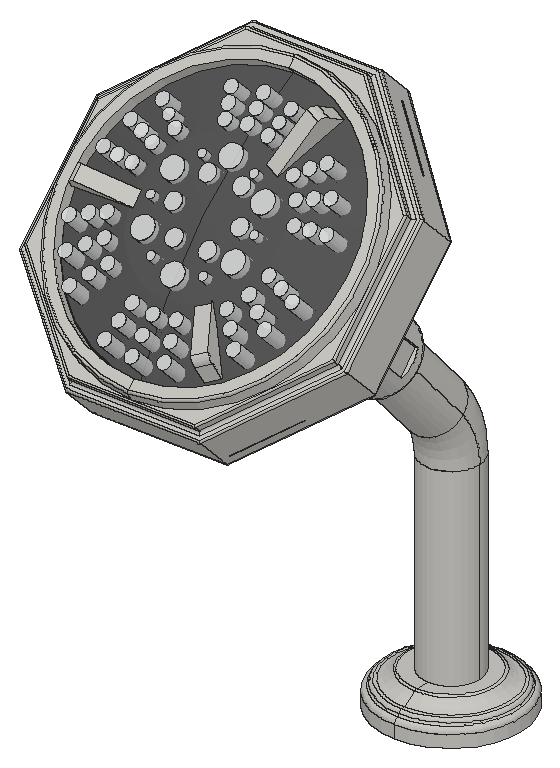
Revit family "Shower-Showerhead_Kit-KALLISTA-For_Town-P21542", category Plumbing Fixtures, host Face, Revit 2022
Family settings
  Host = Face
  Round Connector Dimension = Use Diameter
  Part Type = Normal
  OmniClass Number = 23.31.17.00
  OmniClass Title = Showers
  Cut with Voids When Loaded = No
  Maintain Annotation Orientation = No
  Shared = No
  Room Calculation Point = No
Parameters (values of type "AD-Nickel Silver")
  Width = 4.68"  # constant formula
  WaterSense Certified = 1 = 0  # no
  Waste Water Outlet = "Waste Water Outlet"  # constant formula
  Waste Connection = 1 = 0  # no
  Vent Connection = 1 = 0  # no
  URL = "https://www.kallista.com/"
  Type = 1
  Product Page URL = "https://www.kallista.com/products/luxury-bathroom/showering/handshowers/traditional-multi-function-handshower-with-hose-p21650-00/ad-nickel-silver"
  Product Name = "For Town"  # constant formula
  Product Documentation Link = "https://techcomm.kohler.com/techcomm/pdf/1344680-4.pdf"
  Pressure = 80.00 psi  # constant formula
  Model = if(Type = 1, "P21542-00-AD", if(Type = 2, "P21542-00-CP", "NA"))  # "P21542-00-AD"
  Material = "Premium Metal Construction"  # constant formula
  Master Format 2014 Name = "Residential Showers"  # constant formula
  Master Format 2014 = "22 42 23"  # constant formula
  Manufacturer Address = "444 Highland Dr, Kohler, WI 53044"  # constant formula
  Manufacturer = "Kallista Co."  # constant formula
  Length = 6.82555"  # constant formula
  Hot Water Inlet = "Hot Water Inlet"  # constant formula
  Height = 9.59323"  # constant formula
  HW Connection = 1 = 1  # yes
  Flow Rate = 1.75 GPM  # constant formula
  Finish = Kallista-Metal-AD-Nickel_Silver
  Environmental Product Declaration = ""
  Drain Included = 1 = 0  # no
  Description = "Traditional Multi-Function Handshower with Hose"  # constant formula
  Default Elevation = 72"
  Declare Label = ""
  Date Modified = "05/07/2025"  # constant formula
  Date Created = "05/07/2025"  # constant formula
  Copyright = "Copyright Kallista Co."  # constant formula
  Contact Us = "https://www.kallista.com/corporate/contact-us/"
  Cold Water Inlet = "Cold Water Inlet"  # constant formula
  CW Connection = 1 = 0  # no
  Assembly Code = "D2010700"
  ADA Compliant = 1 = 0  # no
  Tempered Water Inlet = "Tempered Water Inlet"  # constant formula
Reference planes (in)
  plane 1 "Center (Front/Back)": y = 0
  plane 2: z = 0
  plane 3 "Center (Left/Right)": x = 0
  plane 4: y = 1.0093229
  plane 5: x = -2.355549
  plane 6: x = 2.324451
  plane 7: x = 1.0088583
  plane 8: x = -1.0088583
  plane 9: z = 9.5932283
  plane 10: z = 5.7169532
  plane 11: z = 8.273622
  plane 12: y = -5.8162283
  plane 13: y = -1.0093229
Dimensions and locks (in)
  "Width": plane 5 to plane 6
  plane 6 to plane 5 = 4.68"
  "Height": plane 9 to level
  plane 8 to plane 7 = 2.01772"
  plane 9 to level = 9.59323"
  "Length": plane 12 to plane 4
  aligned and locked: plane 2 to host face
  aligned and locked: level to host face
Automatic sketch dimensions
  host sketch curve to host sketch curve = 96"  (x2)
Nested families (in)
  nested 1: "P21542" at (0, 0, 0), type "P21542"
Connectors (in)
  piping at (0, 0, 0), diameter 0.5, driven by "Flow Rate", driven by "Pressure", driven by "HW Connection", driven by "Tempered Water Inlet"
    settings: on nested 1, index 1, connector inside diameter 24", connector length 0", flow factor 0, pipe flow 1.75 GPM, pressure drop 80.00 psi, fitting loss kfactor 0, connector angle 0.00°, fixture units 0, engagement length 0", angle of deflection 0.00°, flow configuration 0, flow direction 1, fitting loss method 4, system type 19, joint type 0, gender type 0, connector reference index -1, connector utility 1, adjustable connector no, is connector primary yes, connector description "Tempered Water Inlet"
Definition of nested family "P21542"
  Parameters
    Material = none
    Default Elevation = 0"
  Reference planes (in)
    plane 1 "Center (Front/Back)": y = 0
    plane 2: z = 0
    plane 3 "Center (Left/Right)": x = 0
    plane 4 "A": through (0, -2.2075272, 9.2398219) normal (0, -0.7071, 0.7071)
    plane 5 "B": through (0, -3.1941017, 9.2869106) normal (0, -0.7071, 0.7071)
    plane 6: z = 8.2615148
    plane 7: y = 1.0093229
    plane 8: y = -5.8162163
    plane 9: x = -2.355549
    plane 10: x = 2.3244358
    plane 11: x = 1.0088583
    plane 12: x = -1.0088583
    plane 13: z = 9.59322
    plane 14: y = -1.0093229
  Forms (in)
    Revolve 1, solid, material <- "Material", detail levels medium+fine
      sketch origin (0, 0, 0) x (0, 1, 0) y (0, 0, 1)
        loop
          line (0, 0) -> (0, 0.4702246) -> (-0.6160178, 0.4702246)
          arc (-0.6160178, 0.4702246) -> (-0.633051, 0.4665113) -> (-0.6469931, 0.4560453) r 0.0409231
          arc (-0.6469931, 0.4560453) -> (-0.7335017, 0.3811009) -> (-0.8377985, 0.3339569) r 0.3969298
          arc (-0.8377985, 0.3339569) -> (-0.8581921, 0.3291866) -> (-0.8789604, 0.326479) r 0.2092396
          arc (-0.8789604, 0.326479) -> (-0.9114817, 0.3118195) -> (-0.9273017, 0.2798466) r 0.0528991
          arc (-0.9273017, 0.2798466) -> (-0.932764, 0.2646177) -> (-0.9466603, 0.2563324) r 0.0239602
          arc (-0.9466603, 0.2563324) -> (-0.9916418, 0.2295134) -> (-1.0093229, 0.1802186) r 0.0775575
          line (-1.0093229, 0.1802186) -> (-1.0093229, 0) -> (0, 0)
        axis (0, 0.4702246) -> (0, 0)
      angle from 0 to 360
    Revolve 2, solid, material <- "Material", detail levels coarse
      sketch origin (0, 0, 0) x (0, 1, 0) y (0, 0, 1)
        loop
          line (0, 0) -> (0, 0.4702246) -> (-1.0093229, 0.4702246) -> (-1.0093229, 0) -> (0, 0)
        axis (0, 0.4702246) -> (0, 0)
      angle from 0 to 360
    Sweep 3, solid, material <- "Material"
      path origin (0, 0.03125, 0) x (0, 1, 0) y (0, 0, 1)
        loop
          line (-0.03125, 0.4626853) -> (-0.03125, 3.231895)
          arc (-0.03125, 3.231895) -> (-0.1076662, 3.6441998) -> (-0.3267637, 4.0017344) r 1.150507
          line (-0.3267637, 4.0017344) -> (-1.2810243, 5.0615482)
      profile origin (0, 0, 1.8472901) x (0, -1, 0) y (1, 0, 0)
        loop
          circle (0, 0) r 0.4095013
    Revolve 4, solid, material <- "Material"
      sketch origin (0, -0.03125, -0.03125) x (0, 1, 0) y (0, 0, 1)
        loop
          line (-1.2137331, 5.0713401) -> (-2.2906083, 6.1482154) -> (-2.8031152, 5.6357086) -> (-2.7711269, 5.6037203)
          arc (-2.7711269, 5.6037203) -> (-2.761864, 5.5823419) -> (-2.7610393, 5.5590576) r 0.06275
          line (-2.7610393, 5.5590576) -> (-2.5893406, 5.3873589)
          arc (-2.5893406, 5.3873589) -> (-2.5625645, 5.3762679) -> (-2.5357884, 5.3873589) r 0.0378672
          line (-2.5357884, 5.3873589) -> (-2.3515516, 5.5715957)
          arc (-2.3515516, 5.5715957) -> (-2.2945912, 5.5688748) -> (-2.2376099, 5.571115) r 0.6554602
          arc (-2.2376099, 5.571115) -> (-2.1801152, 5.5446185) -> (-2.1731871, 5.4816924) r 0.0643057
          arc (-2.1731871, 5.4816924) -> (-2.1879863, 5.3444207) -> (-2.1232765, 5.2224569) r 0.2354292
          line (-2.1232765, 5.2224569) -> (-1.6215932, 4.7207737)
          arc (-1.6215932, 4.7207737) -> (-1.5929464, 4.7089078) -> (-1.5642995, 4.7207737) r 0.0405127
          line (-1.5642995, 4.7207737) -> (-1.2137331, 5.0713401)
        axis (-1.2137331, 5.0713401) -> (-2.2906083, 6.1482154)
      angle from 0 to 360
    Sweep 5, solid, material <- "Material"
      path origin (0, -5.7236746, 5.7236746) x (0, 0.707107, 0.707107) y (-1, 0, 0)
        loop
          line (3.6155889, 2.3555668) -> (1.6467705, 2.3555668) -> (0.3442485, 0.958783) -> (0.3442485, -0.9721847) -> (1.6964117, -2.3243479) -> (3.6409195, -2.3243479) -> (5.0551331, -0.9101343) -> (5.0551331, 0.9160226) -> (3.6155889, 2.3555668)
      profile origin (-0.0029441, -2.1491557, 9.2981935) x (0, -0.707107, -0.707107) y (0, -0.707107, 0.707107)
        loop
          arc (0.0000178, -0.3449845) -> (0.0071514, -0.3622066) -> (0.0243734, -0.3693402) r 0.0243556
          line (0.0243734, -0.3693402) -> (0.0793295, -0.3693402)
          arc (0.0793295, -0.3693402) -> (0.1078367, -0.380861) -> (0.1203345, -0.4089535) r 0.0410294
          arc (0.1203345, -0.4089535) -> (0.1311513, -0.4405143) -> (0.1577254, -0.4606861) r 0.057251
          line (0.1577254, -0.4606861) -> (0.2556429, -0.4968315)
          arc (0.2556429, -0.4968315) -> (0.7928257, -0.7792263) -> (1.2390529, -1.1905578) r 2.3341977
          arc (1.2390529, -1.1905578) -> (1.5037967, -1.6292951) -> (1.6243054, -2.1273487) r 1.683681
          line (1.6243054, -2.1273487) -> (1.7810687, -2.1273487)
          arc (1.7810687, -2.1273487) -> (1.6508129, -1.575999) -> (1.3589913, -1.0904136) r 1.839931
          arc (1.3589913, -1.0904136) -> (0.8160486, -0.6060008) -> (0.1562678, -0.2991916) r 2.4904477
          line (0.1562678, -0.2991916) -> (0.1562678, 0.3392122) -> (0.3019452, 0.3392122) -> (0.3333764, 0.5174674) -> (0.1494506, 0.5174674)
          arc (0.1494506, 0.5174674) -> (0.1308233, 0.5114008) -> (0.1228593, 0.4935023) r 0.0240948
          line (0.1228593, 0.4935023) -> (0.1228593, 0.4107032)
          arc (0.1228593, 0.4107032) -> (0.1101741, 0.3800785) -> (0.0795494, 0.3673933) r 0.0433099
          line (0.0795494, 0.3673933) -> (0.0281989, 0.3673933)
          arc (0.0281989, 0.3673933) -> (0.0082718, 0.3591393) -> (0.0000178, 0.3392122) r 0.0281811
          line (0.0000178, 0.3392122) -> (0.0000178, -0.3449845)
    Revolve 6, solid, material <- "Material"
      sketch origin (0, -0.165619, -0.1367981) x (0, 1, 0) y (0, 0, 1)
        loop
          line (-5.5396894, 6.8360773) -> (-5.6389821, 6.7367846)
          arc (-5.6389821, 6.7367846) -> (-5.6489037, 6.7158689) -> (-5.6433557, 6.693394) r 0.0344678
          line (-5.6433557, 6.693394) -> (-5.5363164, 6.531604) -> (-5.3857663, 6.6821542) -> (-5.5396894, 6.8360773)
        axis (-3.9934894, 8.074431) -> (-4.1474125, 8.2283542)
      angle from 0 to 360
    Extrusion 7, solid, material <- "Material"
      sketch origin (0, -5.7236746, 5.7236746) x (0, 0.707107, 0.707107) y (-1, 0, 0)
        loop
          line (4.7531879, -0.8841499) -> (4.7531879, 0.7909528) -> (3.3448416, 2.199299) -> (1.8239534, 2.199299) -> (0.5924784, 0.8787037) -> (0.5924784, -0.9994186) -> (1.7611399, -2.1680801) -> (3.4692577, -2.1680801) -> (4.7531879, -0.8841499)
      from 0 to 0.5174674
    Revolve 8, solid
      sketch origin (0, 0, 0) x (0, 1, 0) y (0, 0, 1)
        loop
          line (-4.1707309, 7.9825048) -> (-2.7284139, 9.4248217)
          arc (-2.7284139, 9.4248217) -> (-3.6395526, 8.9184003) -> (-4.4454892, 8.2572631) r 5.8079461
          line (-4.4454892, 8.2572631) -> (-4.1707309, 7.9825048)
        axis (-4.4454892, 8.2572631) -> (-4.1707309, 7.9825048)
      angle from 0 to 360
    Extrusion 9, solid, detail levels medium+fine
      sketch origin (0, -6.3152501, 5.132099) x (0, 0.707107, 0.707107) y (-1, 0, 0)
        loop
          circle (5.0095697, -0.4331844) r 0.0944882
        loop
          circle (4.8184392, -0.3720092) r 0.088584
        loop
          circle (4.6344479, -0.314909) r 0.0944882
        loop
          circle (4.6734242, 0.0022692) r 0.0944882
        loop
          circle (4.8764261, -0.010034) r 0.0944882
        loop
          circle (4.8195031, 0.3559674) r 0.0944882
        loop
          circle (5.004482, 0.4232942) r 0.0944882
        loop
          circle (4.6300503, 0.3016339) r 0.0944882
        loop
          circle (4.5866536, 1.1735828) r 0.0944882
        loop
          circle (4.4522815, 1.0087261) r 0.0806997
        loop
          circle (4.3253904, 0.8510771) r 0.0944882
        loop
          circle (4.23705, 1.4358811) r 0.0944882
        loop
          circle (4.1635716, 1.238599) r 0.0944882
        loop
          circle (4.0842884, 1.0407781) r 0.0944882
        loop
          circle (3.7872082, 1.1616832) r 0.0944882
        loop
          circle (3.8118145, 1.3831399) r 0.0944882
        loop
          circle (3.8402215, 1.5996931) r 0.0944882
        loop
          circle (2.9711424, 1.6033592) r 0.0944882
        loop
          circle (3.0742881, 1.3821625) r 0.0944882
        loop
          circle (3.1600697, 1.1664258) r 0.0944882
        loop
          circle (2.8715628, 1.0422207) r 0.0944882
        loop
          circle (2.7288358, 1.2337529) r 0.0944882
        loop
          circle (2.5768731, 1.4332073) r 0.0944882
        loop
          circle (2.2206842, 1.1751863) r 0.0944882
        loop
          circle (2.4347386, 1.0130007) r 0.0944882
        loop
          circle (2.6160891, 0.8501049) r 0.0944882
        loop
          circle (2.3009163, 0.3165127) r 0.0944882
        loop
          circle (2.0560516, 0.3726758) r 0.0944882
        loop
          circle (1.7985699, 0.4298063) r 0.0944882
        loop
          circle (1.7297684, 0.0011172) r 0.0944882
        loop
          circle (1.9991443, 0.0011172) r 0.0944882
        loop
          circle (2.2636621, 0.0011172) r 0.0944882
        loop
          circle (2.3004628, -0.3122523) r 0.0944882
        loop
          circle (2.0507343, -0.3746636) r 0.0944882
        loop
          circle (1.8011414, -0.4259098) r 0.0944882
        loop
          circle (2.6285015, -0.856874) r 0.0944882
        loop
          circle (2.4333862, -1.0148753) r 0.0944882
        loop
          circle (2.7198165, -1.2399872) r 0.0944882
        loop
          circle (2.8709444, -1.041725) r 0.1006985
        loop
          circle (3.154099, -1.1645861) r 0.0944882
        loop
          circle (3.0685827, -1.3872371) r 0.0944882
        loop
          circle (2.9714717, -1.6017146) r 0.0944882
        loop
          circle (2.5635842, -1.4352908) r 0.0944882
        loop
          circle (2.2250825, -1.1822249) r 0.0944882
        loop
          circle (4.3207503, -0.8542009) r 0.0944882
        loop
          circle (4.4582654, -1.0154513) r 0.0944882
        loop
          circle (4.5834773, -1.1890049) r 0.0944882
        loop
          circle (4.0676737, -1.0358532) r 0.0944882
        loop
          circle (4.1547635, -1.2413279) r 0.0944882
        loop
          circle (4.2293198, -1.4461695) r 0.0944882
        loop
          circle (3.7866496, -1.1706675) r 0.0944882
        loop
          circle (3.8112559, -1.3845011) r 0.0944882
        loop
          circle (3.8250649, -1.6146682) r 0.0944882
        loop
          circle (3.5263833, 0.7452469) r 0.0590551
        loop
          circle (4.1754065, 0.3731331) r 0.0590551
        loop
          circle (4.1754065, -0.3771559) r 0.0590551
        loop
          circle (3.5249061, -0.7475225) r 0.0590551
        loop
          circle (3.150901, -0.6532073) r 0.1574803
        loop
          circle (3.9101018, -0.6533943) r 0.1574803
        loop
          circle (2.8757592, -0.3778914) r 0.0590551
        loop
          circle (2.878835, 0.3746937) r 0.0590551
        loop
          circle (3.1409289, 0.6407522) r 0.1574803
        loop
          circle (2.7712313, 0.0008656) r 0.1574803
        loop
          circle (3.8990874, 0.6407522) r 0.1574803
        loop
          circle (4.2681819, 0.008055) r 0.1574803
        loop
          circle (5.0736835, -0.0029222) r 0.0944902
        loop
          circle (3.9924838, 0.1902103) r 0.1181102
        loop
          circle (3.9924838, -0.3004234) r 0.1181102
        loop
          circle (3.5495704, 0.430699) r 0.1181102
        loop
          circle (3.5495704, -0.5241351) r 0.1181102
        loop
          circle (3.168224, -0.2758077) r 0.1181102
        loop
          circle (3.1652345, 0.203312) r 0.1181102
      from 0 to 0.9083292
    Extrusion 10, solid, material <- "Material", detail levels medium+fine
      sketch origin (-1.2981873, 0.2263804, 0.2772598) x (0.253404, 0.96679, -0.03321) y (0.253404, -0.03321, 0.96679)
        loop
          line (-2.9804909, 9.3649473) -> (-3.2147053, 9.4741633)
          arc (-3.2147053, 9.4741633) -> (-3.2911924, 9.4882859) -> (-3.3649028, 9.4634564) r 0.154919
          line (-3.3649028, 9.4634564) -> (-3.7703426, 8.7886913) -> (-2.9804909, 9.3649473)
      from 0.6972889 to 0.4761284
    Extrusion 11, solid, material <- "Material", detail levels medium+fine
      sketch origin (0, 0, 0) x (1, 0, 0) y (0, 1, 0)
        loop
          circle (0, 0) r 0.1968504
      from 0 to 0.168573
    Extrusion 12, solid, detail levels medium+fine
      sketch origin (6.9206146, 0.2263804, 11.4135074) x (-0.097942, 0.96679, 0.23606) y (-0.963967, -0.03321, -0.26394)
        loop
          line (-2.9804909, 9.3649473) -> (-3.2147053, 9.4741633)
          arc (-3.2147053, 9.4741633) -> (-3.2911924, 9.4882859) -> (-3.3649028, 9.4634564) r 0.154919
          line (-3.3649028, 9.4634564) -> (-3.7703426, 8.7886913) -> (-2.9804909, 9.3649473)
      from 0.1798413 to -0.0819087
    Extrusion 13, solid, material <- "Material", detail levels medium+fine
      sketch origin (2.5863961, 1.4181678, 1.4360771) x (-0.707107, 0.5, -0.5) y (-0.707107, -0.5, 0.5)
        loop
          line (-2.9935648, 9.3554089) -> (-3.2206938, 9.4613209)
          arc (-3.2206938, 9.4613209) -> (-3.2989151, 9.4753101) -> (-3.3737819, 9.448679) r 0.154919
          line (-3.3737819, 9.448679) -> (-3.7703426, 8.7886913) -> (-2.9935648, 9.3554089)
      from 0.6972889 to 0.4761284
    Extrusion 14, solid, material <- "Material", detail levels medium+fine
      sketch origin (-0.9675097, 3.6719222, 3.635647) x (0.37471, 0.075976, -0.924024) y (0.37471, -0.924024, 0.075976)
        loop
          line (-2.9804909, 9.3649473) -> (-3.2147053, 9.4741633)
          arc (-3.2147053, 9.4741633) -> (-3.2911924, 9.4882859) -> (-3.3649028, 9.4634564) r 0.154919
          line (-3.3649028, 9.4634564) -> (-3.7703426, 8.7886913) -> (-2.9804909, 9.3649473)
      from 0.6972889 to 0.4761284
    Extrusion 15, void
      sketch origin (0, 0, 0) x (0, 1, 0) y (0, 0, 1)
        loop
          line (-1.2251852, 5.3030888) -> (-1.6159316, 5.6938352)
          arc (-1.6159316, 5.6938352) -> (-1.8652855, 5.6648006) -> (-1.8943201, 5.4154467) r 0.2022616
          line (-1.8943201, 5.4154467) -> (-1.5035737, 5.0247003) -> (-1.2251852, 5.3030888)
      from 0.4667941 to 0.9074565
    Extrusion 16, void
      sketch origin (0, 0, 0) x (0, 1, 0) y (0, 0, -1)
        loop
          line (-1.2251852, -5.3030888) -> (-1.5035737, -5.0247003) -> (-1.8943201, -5.4154467)
          arc (-1.8943201, -5.4154467) -> (-1.8652855, -5.6648006) -> (-1.6159316, -5.6938352) r 0.2022616
          line (-1.6159316, -5.6938352) -> (-1.2251852, -5.3030888)
      from 0.4667941 to 0.9074565
  Cuts and joins
    Extrusion 15 cuts Sweep 5
    joined: Sweep 5, Extrusion 7
    Extrusion 15, Extrusion 16 cuts Revolve 4
  Lines and regions (in)
    Masking region 1
      outline origin (0, 0, 0) x (1, 0, 0) y (0, 1, 0)
        loop
          line (-0.0213096, 1.0093229) -> (-0.0559006, 1.0093229)
          arc (-0.0559006, 1.0093229) -> (-0.7014437, 0.7257411) -> (-1.0088583, 0.0912011) r 1.0201137
          line (-1.0088583, 0.0912011) -> (-1.0088583, -0.0469638)
          arc (-1.0088583, -0.0469638) -> (-0.8445383, -0.5773531) -> (-0.4091407, -0.9219439) r 0.938151
          line (-0.4091407, -0.9219439) -> (-0.4091407, -1.0235263)
          arc (-0.4091407, -1.0235263) -> (-0.4926699, -1.1252803) -> (-0.5372639, -1.2491447) r 0.3870668
          line (-0.5372639, -1.2491447) -> (-0.5372639, -1.363014)
          arc (-0.5372639, -1.363014) -> (-0.5278088, -1.4357124) -> (-0.5000728, -1.5035737) r 0.284211
          line (-0.5000728, -1.5035737) -> (-0.5000728, -1.6878677)
          arc (-0.5000728, -1.6878677) -> (-0.6131862, -1.776203) -> (-0.6906151, -1.8970439) r 0.4267183
          line (-0.6906151, -1.8970439) -> (-0.9095886, -1.8970439) -> (-2.355549, -2.9274673) -> (-2.355549, -4.748059) -> (-1.7340271, -5.1877267)
          arc (-1.7340271, -5.1877267) -> (-1.5402747, -5.3588499) -> (-1.314404, -5.4845701) r 1.2015313
          line (-1.314404, -5.4845701) -> (-0.9395997, -5.7497086) -> (-0.6176677, -5.7497086)
          arc (-0.6176677, -5.7497086) -> (0, -5.8162163) -> (0.6176677, -5.7497086) r 2.9014436
          line (0.6176677, -5.7497086) -> (0.9395997, -5.7497086) -> (1.2519119, -5.5287774)
          arc (1.2519119, -5.5287774) -> (1.5061257, -5.376177) -> (1.7346615, -5.1872779) r 1.9771835
          line (1.7346615, -5.1872779) -> (2.3243301, -4.7701434) -> (2.3243301, -2.90522) -> (0.9095886, -1.8970439) -> (0.6906151, -1.8970439)
          arc (0.6906151, -1.8970439) -> (0.6131862, -1.776203) -> (0.5000728, -1.6878677) r 0.4267183
          line (0.5000728, -1.6878677) -> (0.5000728, -1.5035737)
          arc (0.5000728, -1.5035737) -> (0.5278088, -1.4357124) -> (0.5372639, -1.363014) r 0.284211
          line (0.5372639, -1.363014) -> (0.5372639, -1.2491447)
          arc (0.5372639, -1.2491447) -> (0.4925352, -1.1250434) -> (0.4087279, -1.0231702) r 0.3870668
          line (0.4087279, -1.0231702) -> (0.4087279, -0.9226443)
          arc (0.4087279, -0.9226443) -> (0.8446668, -0.5725272) -> (1.0088583, -0.0380499) r 0.9520129
          line (1.0088583, -0.0380499) -> (1.0088583, 0.0715284)
          arc (1.0088583, 0.0715284) -> (0.7001033, 0.7257511) -> (0.0345778, 1.0093229) r 1.0172585
          line (0.0345778, 1.0093229) -> (-0.0213096, 1.0093229)
    Masking region 2
      outline origin (0, 0, 0) x (1, 0, 0) y (0, 0, 1)
        loop
          line (0.9696759, 5.7169532) -> (2.3244358, 6.6749031) -> (2.3244358, 8.5539582) -> (1.7043093, 8.9881754)
          arc (1.7043093, 8.9881754) -> (1.4491095, 9.2045415) -> (1.1473232, 9.3489932) r 1.3064213
          line (1.1473232, 9.3489932) -> (0.8482299, 9.5584206) -> (0.4335307, 9.5584206)
          arc (0.4335307, 9.5584206) -> (0.2354107, 9.5845036) -> (0.0357714, 9.59322) r 2.2906043
          line (0.0357714, 9.59322) -> (-0.0357714, 9.59322)
          arc (-0.0357714, 9.59322) -> (-0.2354107, 9.5845036) -> (-0.4335307, 9.5584206) r 2.2906043
          line (-0.4335307, 9.5584206) -> (-0.8482299, 9.5584206) -> (-1.1473232, 9.3489932)
          arc (-1.1473232, 9.3489932) -> (-1.2276742, 9.3104757) -> (-1.3081998, 9.2723244) r 19.5738872
          arc (-1.3081998, 9.2723244) -> (-1.54225, 9.1331187) -> (-1.7452949, 8.9516509) r 1.4147977
          line (-1.7452949, 8.9516509) -> (-2.355549, 8.520136) -> (-2.355549, 6.6303524) -> (-0.9493377, 5.7169532) -> (-0.7128151, 5.7169532)
          arc (-0.7128151, 5.7169532) -> (-0.6882138, 5.6719608) -> (-0.6586823, 5.6300389) r 0.4527339
          arc (-0.6586823, 5.6300389) -> (-0.5844011, 5.5479656) -> (-0.5000728, 5.4762546) r 0.8489825
          line (-0.5000728, 5.4762546) -> (-0.5000728, 5.2935169)
          arc (-0.5000728, 5.2935169) -> (-0.5346218, 5.2141239) -> (-0.5389175, 5.1276461) r 0.2412767
          arc (-0.5389175, 5.1276461) -> (-0.5129665, 4.9541012) -> (-0.4096379, 4.8122757) r 0.3682002
          line (-0.4096379, 4.8122757) -> (-0.4096379, 0.4700562) -> (-0.6127616, 0.4700562)
          arc (-0.6127616, 0.4700562) -> (-0.6344681, 0.465573) -> (-0.651937, 0.4519308) r 0.0486806
          arc (-0.651937, 0.4519308) -> (-0.6649153, 0.4367409) -> (-0.6787502, 0.4223267) r 0.3454001
          arc (-0.6787502, 0.4223267) -> (-0.7717895, 0.3570631) -> (-0.8809737, 0.3255278) r 0.3454001
          arc (-0.8809737, 0.3255278) -> (-0.9119926, 0.3106533) -> (-0.9273017, 0.2798466) r 0.0528909
          arc (-0.9273017, 0.2798466) -> (-0.9346952, 0.2642313) -> (-0.9498229, 0.2558857) r 0.0281216
          arc (-0.9498229, 0.2558857) -> (-0.9921966, 0.2306801) -> (-1.0088583, 0.1842771) r 0.0729476
          line (-1.0088583, 0.1842771) -> (-1.0088583, 0) -> (1.0088583, 0) -> (1.0088583, 0.1842771)
          arc (1.0088583, 0.1842771) -> (0.9921966, 0.2306801) -> (0.9498229, 0.2558857) r 0.0729476
          arc (0.9498229, 0.2558857) -> (0.9346952, 0.2642313) -> (0.9273017, 0.2798466) r 0.0281216
          arc (0.9273017, 0.2798466) -> (0.9119926, 0.3106533) -> (0.8809737, 0.3255278) r 0.0528909
          arc (0.8809737, 0.3255278) -> (0.7717895, 0.3570631) -> (0.6787502, 0.4223267) r 0.3454001
          arc (0.6787502, 0.4223267) -> (0.6649153, 0.4367409) -> (0.651937, 0.4519308) r 0.3454001
          arc (0.651937, 0.4519308) -> (0.6307961, 0.4650262) -> (0.6063517, 0.4695973) r 0.0676457
          line (0.6063517, 0.4695973) -> (0.4095013, 0.4695973) -> (0.4095013, 4.8129259)
          arc (0.4095013, 4.8129259) -> (0.5148696, 4.9535661) -> (0.5389175, 5.1276461) r 0.3512234
          arc (0.5389175, 5.1276461) -> (0.5346218, 5.2141239) -> (0.5000728, 5.2935169) r 0.2412767
          line (0.5000728, 5.2935169) -> (0.5000728, 5.4762546)
          arc (0.5000728, 5.4762546) -> (0.5844011, 5.5479656) -> (0.6586823, 5.6300389) r 0.8489825
          arc (0.6586823, 5.6300389) -> (0.6882138, 5.6719608) -> (0.7128151, 5.7169532) r 0.4527339
          line (0.7128151, 5.7169532) -> (0.9696759, 5.7169532)
    Masking region 3
      outline origin (0, 0, 0) x (0, 1, 0) y (0, 0, 1)
        loop
          line (-1.0093229, 0) -> (1.0093229, 0) -> (1.0093229, 0.1839855)
          arc (1.0093229, 0.1839855) -> (0.9913383, 0.2314901) -> (0.9464028, 0.2551741) r 0.0717319
          arc (0.9464028, 0.2551741) -> (0.9328384, 0.2622002) -> (0.9271251, 0.2763677) r 0.0219877
          arc (0.9271251, 0.2763677) -> (0.9148911, 0.3081247) -> (0.8854381, 0.3251746) r 0.0511449
          arc (0.8854381, 0.3251746) -> (0.7536645, 0.3726899) -> (0.6436121, 0.4593526) r 0.4382861
          arc (0.6436121, 0.4593526) -> (0.6295802, 0.4686344) -> (0.6128372, 0.4702824) r 0.0349401
          line (0.6128372, 0.4702824) -> (0.4097407, 0.4702824) -> (0.4097407, 3.2218999)
          arc (0.4097407, 3.2218999) -> (0.3051429, 3.7862589) -> (0.0052443, 4.2756489) r 1.5748031
          line (0.0052443, 4.2756489) -> (-0.9474694, 5.3337447) -> (-0.8980723, 5.3831419)
          arc (-0.8980723, 5.3831419) -> (-0.8829826, 5.4195717) -> (-0.8980723, 5.4560014) r 0.0515195
          line (-0.8980723, 5.4560014) -> (-1.3851597, 5.9430889)
          arc (-1.3851597, 5.9430889) -> (-1.5123033, 6.0123328) -> (-1.6566759, 6.0015273) r 0.255979
          arc (-1.6566759, 6.0015273) -> (-1.7216648, 6.0117717) -> (-1.7460037, 6.0728956) r 0.0664656
          arc (-1.7460037, 6.0728956) -> (-1.7421633, 6.1253769) -> (-1.7452387, 6.1779086) r 0.4003794
          line (-1.7452387, 6.1779086) -> (-1.5675839, 6.3555634)
          arc (-1.5675839, 6.3555634) -> (-1.553813, 6.3888093) -> (-1.5675839, 6.4220552) r 0.0470168
          line (-1.5675839, 6.4220552) -> (-1.7328128, 6.5872841)
          arc (-1.7328128, 6.5872841) -> (-1.7557542, 6.5894741) -> (-1.7773632, 6.5974839) r 0.0889548
          line (-1.7773632, 6.5974839) -> (-1.8093515, 6.6294722) -> (-1.7865219, 6.6523019)
          arc (-1.7865219, 6.6523019) -> (-2.0585511, 7.084781) -> (-2.1834469, 7.5801992) r 1.6311835
          arc (-2.1834469, 7.5801992) -> (-2.1498945, 8.2381638) -> (-1.9350085, 8.8609536) r 2.349815
          arc (-1.9350085, 8.8609536) -> (-1.9297358, 8.8940986) -> (-1.9450111, 8.9239828) r 0.0541407
          arc (-1.9450111, 8.9239828) -> (-1.9566542, 8.9526558) -> (-1.9440872, 8.9809361) r 0.0395528
          line (-1.9440872, 8.9809361) -> (-1.9070873, 9.017936)
          arc (-1.9070873, 9.017936) -> (-1.8991833, 9.037018) -> (-1.9070873, 9.0560999) r 0.026986
          line (-1.9070873, 9.0560999) -> (-2.3879534, 9.536966)
          arc (-2.3879534, 9.536966) -> (-2.4088739, 9.5456316) -> (-2.4297944, 9.536966) r 0.0295861
          line (-2.4297944, 9.536966) -> (-2.4640565, 9.5027039)
          arc (-2.4640565, 9.5027039) -> (-2.4950826, 9.4895329) -> (-2.5265511, 9.5016089) r 0.0449923
          line (-2.5265511, 9.5016089) -> (-2.5855739, 9.5606316)
          arc (-2.5855739, 9.5606316) -> (-2.6018067, 9.5673555) -> (-2.6180395, 9.5606316) r 0.0229567
          line (-2.6180395, 9.5606316) -> (-2.665561, 9.5131101) -> (-2.7817198, 9.5885445)
          arc (-2.7817198, 9.5885445) -> (-2.8012404, 9.593231) -> (-2.8193601, 9.5845884) r 0.0300702
          line (-2.8193601, 9.5845884) -> (-3.0917509, 9.3121976) -> (-3.3167638, 9.4230761)
          spline (-3.3167638, 9.4230761) -> (-3.3287142, 9.4281587) -> (-3.3409097, 9.43243) -> (-3.3533524, 9.4356781) -> (-3.3659533, 9.4378797) -> (-3.3786225, 9.4390193) -> (-3.3912692, 9.4390885) -> (-3.4038031, 9.438087) -> (-3.4161345, 9.4360218) -> (-3.4281753, 9.4329077) -> (-3.4398394, 9.4287671) -> (-3.4510434, 9.4236294) -> (-3.4617071, 9.4175315)
          line (-3.4617071, 9.4175315) -> (-3.5177501, 9.3614885) -> (-3.8683433, 8.7553969)
          arc (-3.8683433, 8.7553969) -> (-4.1620828, 8.5278338) -> (-4.4297819, 8.2701421) r 3.467078
          line (-4.4297819, 8.2701421) -> (-4.5000051, 8.3403653) -> (-4.6563891, 8.1839812) -> (-4.586166, 8.113758)
          arc (-4.586166, 8.113758) -> (-4.7742409, 7.904642) -> (-4.943623, 7.6801172) r 3.2652822
          line (-4.943623, 7.6801172) -> (-5.5497146, 7.329524) -> (-5.6057576, 7.273481)
          spline (-5.6057576, 7.273481) -> (-5.6112406, 7.264) -> (-5.6159635, 7.2540827) -> (-5.6198994, 7.2437855) -> (-5.6230261, 7.233167) -> (-5.6253257, 7.2222874) -> (-5.6267851, 7.2112087) -> (-5.6273961, 7.1999939) -> (-5.6271552, 7.1887067) -> (-5.6260638, 7.1774112) -> (-5.624128, 7.1661718) -> (-5.6213588, 7.1550523) -> (-5.6177721, 7.1441159)
          line (-5.6177721, 7.1441159) -> (-5.5008436, 6.9043769) -> (-5.8070336, 6.5981868)
          arc (-5.8070336, 6.5981868) -> (-5.8159425, 6.580889) -> (-5.8131506, 6.5616332) r 0.0319112
          line (-5.8131506, 6.5616332) -> (-5.7488578, 6.4298134)
          arc (-5.7488578, 6.4298134) -> (-5.7555816, 6.4135806) -> (-5.7488578, 6.3973477) r 0.0229567
          line (-5.7488578, 6.3973477) -> (-5.689835, 6.3383249)
          arc (-5.689835, 6.3383249) -> (-5.677759, 6.3068565) -> (-5.6909301, 6.2758304) r 0.0449923
          line (-5.6909301, 6.2758304) -> (-5.7251921, 6.2415683)
          arc (-5.7251921, 6.2415683) -> (-5.7338577, 6.2206478) -> (-5.7251921, 6.1997272) r 0.0295861
          line (-5.7251921, 6.1997272) -> (-5.244326, 5.7188611)
          arc (-5.244326, 5.7188611) -> (-5.2252441, 5.7109571) -> (-5.2061621, 5.7188611) r 0.026986
          line (-5.2061621, 5.7188611) -> (-5.1691622, 5.7558611)
          arc (-5.1691622, 5.7558611) -> (-5.1408819, 5.768428) -> (-5.112209, 5.756785) r 0.0395528
          arc (-5.112209, 5.756785) -> (-5.0823248, 5.7415097) -> (-5.0491797, 5.7467824) r 0.0541407
          arc (-5.0491797, 5.7467824) -> (-4.4263899, 5.9616684) -> (-3.7684253, 5.9952208) r 2.349815
          arc (-3.7684253, 5.9952208) -> (-3.2730071, 5.870325) -> (-2.840528, 5.5982958) r 1.6311835
          line (-2.840528, 5.5982958) -> (-2.8176984, 5.6211254) -> (-2.78571, 5.5891371)
          arc (-2.78571, 5.5891371) -> (-2.7777002, 5.5675281) -> (-2.7755102, 5.5445867) r 0.0889548
          line (-2.7755102, 5.5445867) -> (-2.6102813, 5.3793578)
          arc (-2.6102813, 5.3793578) -> (-2.5770354, 5.3655869) -> (-2.5437895, 5.3793578) r 0.0470168
          line (-2.5437895, 5.3793578) -> (-2.3840518, 5.5390955)
          arc (-2.3840518, 5.5390955) -> (-2.3315201, 5.5360201) -> (-2.2790388, 5.5398605) r 0.4003794
          arc (-2.2790388, 5.5398605) -> (-2.2179148, 5.5155217) -> (-2.2076704, 5.4505327) r 0.0664656
          arc (-2.2076704, 5.4505327) -> (-2.2184759, 5.3061601) -> (-2.1492321, 5.1790166) r 0.255979
          line (-2.1492321, 5.1790166) -> (-1.6621446, 4.6919291)
          arc (-1.6621446, 4.6919291) -> (-1.6257148, 4.6768394) -> (-1.589285, 4.6919291) r 0.0515195
          line (-1.589285, 4.6919291) -> (-1.5219708, 4.7592433) -> (-0.5999405, 3.7352248)
          arc (-0.5999405, 3.7352248) -> (-0.4578834, 3.498125) -> (-0.4084188, 3.2261879) r 0.7722339
          line (-0.4084188, 3.2261879) -> (-0.4084188, 0.4702824) -> (-0.6128372, 0.4702824)
          arc (-0.6128372, 0.4702824) -> (-0.6295802, 0.4686344) -> (-0.6436121, 0.4593526) r 0.0349401
          arc (-0.6436121, 0.4593526) -> (-0.7536645, 0.3726899) -> (-0.8854381, 0.3251746) r 0.4382861
          arc (-0.8854381, 0.3251746) -> (-0.9148911, 0.3081247) -> (-0.9271251, 0.2763677) r 0.0511449
          arc (-0.9271251, 0.2763677) -> (-0.9328384, 0.2622002) -> (-0.9464028, 0.2551741) r 0.0219877
          arc (-0.9464028, 0.2551741) -> (-0.9913383, 0.2314901) -> (-1.0093229, 0.1839855) r 0.0717319
          line (-1.0093229, 0.1839855) -> (-1.0093229, 0)
    symbolic lines, detail levels medium+fine
      curve 1: line (-0.4095013, 0.1025425, 0) -> (-0.4095013, -0.8319839, 0)
      curve 2: line (0.4095013, 0.1025425, 0) -> (0.4095013, -0.8319839, 0)
      curve 3: line (-0.4095013, -0.8319839, 0) -> (-0.4095013, -0.9218043, 0)
      curve 4: arc (-0.4095013, -0.8319839, 0) -> (-0.903158, 0.2102242, 0) -> (0, 0.9273017, 0) r 0.9273017
      curve 5: line (0.4095013, -0.8319839, 0) -> (0.4095013, -1.0235263, 0)
      curve 6: arc (0.4095013, -0.8319839, 0) -> (0.903158, 0.2102242, 0) -> (0, 0.9273017, 0) r 0.9273017
      curve 7: arc (-0.4091407, -1.0235263, 0) -> (0.0001803, -0.9150141, 0) -> (0.4095013, -1.0235263, 0) r 0.8262597
      curve 8: arc (-0.5000728, -1.5035737, 0) -> (0, -1.404627, 0) -> (0.5000728, -1.5035737, 0) r 1.3131477
      curve 9: arc (-0.5000728, -1.6878677, 0) -> (-0.00123, -1.6087784, 0) -> (0.4976128, -1.6878677, 0) r 1.612728
      curve 10: arc (-0.6906151, -1.8970439, 0) -> (0, -1.9048955, 0) -> (0.6906151, -1.8970439, 0) r 30.3766547
      curve 11: arc (-0.4095013, -0.1968504, 0) -> (0, 0.5439597, 0) -> (0.4095013, -0.1968504, 0) r 0.4835861
      curve 12: arc (-0.4095013, 0.1025425, 0) -> (0, 0.5120438, 0) -> (0.4095013, 0.1025425, 0) r 0.4095013
      curve 13: line (-2.2061162, -4.8791868, 0) -> (-2.2061162, -3.5767449, 0)
      curve 14: line (-0.9160152, -2.5452775, 0) -> (-2.2760088, -3.5069381, 0)
      curve 15: line (-0.9160152, -1.9052273, 0) -> (-0.9160152, -2.5452775, 0)
      curve 16: line (0.910127, -1.9052273, 0) -> (0.910127, -2.5452775, 0)
      curve 17: line (-0.8541181, -2.6207379, 0) -> (0.8482299, -2.6207379, 0)
      curve 18: line (2.2507012, -4.8222289, 0) -> (2.2507012, -3.4932066, 0)
      curve 19: line (2.1748973, -3.5588334, 0) -> (2.1748973, -4.875853, 0)
      curve 20: line (0.8482299, -2.6207379, 0) -> (2.1748973, -3.5588334, 0)
      curve 21: line (-2.2061162, -3.5767449, 0) -> (-0.8541181, -2.6207379, 0)
      curve 22: spline (0, -2.9207547, 0) -> (-0.2565525, -2.9326239, 0) -> (-0.5087308, -2.9680292, 0) -> (-0.7522352, -3.0263669, 0) -> (-0.9829139, -3.1066423, 0) -> (-1.1968339, -3.2074868, 0) -> (-1.3903477, -3.3271809, 0) -> (-1.560156, -3.4636838, 0) -> (-1.7033635, -3.6146682, 0) -> (-1.8175285, -3.7775598, 0) -> (-1.9007044, -3.9495812, 0) -> (-1.9514733, -4.1277994, 0) -> (-1.9689693, -4.3091759, 0)
      curve 23: line (0.9150032, -2.5487255, 0) -> (-0.9208915, -2.5487255, 0)
      curve 24: line (-2.2760088, -4.7946947, 0) -> (-2.2760088, -2.8707851, 0)
      curve 25: line (0.910127, -2.5452775, 0) -> (2.2507012, -3.4932066, 0)
      curve 26: line (0.4179885, -3.8312735, 0) -> (0.6917172, -3.4617071, 0)
      curve 27: line (0.6917172, -3.4617071, 0) -> (0.8981883, -3.5177501, 0)
      curve 28: line (0.8981883, -3.5177501, 0) -> (0.6244596, -3.8873165, 0)
      curve 29: line (0.4179885, -3.8312735, 0) -> (0.6244596, -3.8873165, 0)
      curve 30: spline (1.2413279, -4.0864876, 0) -> (1.2657832, -4.084211, 0) -> (1.288572, -4.0775363, 0) -> (1.3081411, -4.0669185, 0) -> (1.3231571, -4.053081, 0) -> (1.3325965, -4.0369669, 0) -> (1.3358161, -4.0196744, 0) -> (1.3325965, -4.0023818, 0) -> (1.3231571, -3.9862677, 0) -> (1.3081411, -3.9724303, 0) -> (1.288572, -3.9618124, 0) -> (1.2657832, -3.9551377, 0) -> (1.2413279, -3.9528611, 0)
      curve 31: spline (1.1890049, -3.7833412, 0) -> (1.2134602, -3.7810646, 0) -> (1.236249, -3.7743899, 0) -> (1.2558181, -3.7637721, 0) -> (1.2708341, -3.7499346, 0) -> (1.2802735, -3.7338205, 0) -> (1.2834931, -3.716528, 0) -> (1.2802735, -3.6992354, 0) -> (1.2708341, -3.6831214, 0) -> (1.2558181, -3.6692839, 0) -> (1.236249, -3.658666, 0) -> (1.2134602, -3.6519914, 0) -> (1.1890049, -3.6497147, 0)
      curve 32: spline (1.4461695, -4.0337684, 0) -> (1.4706248, -4.0314918, 0) -> (1.4934136, -4.0248171, 0) -> (1.5129827, -4.0141992, 0) -> (1.5279987, -4.0003618, 0) -> (1.5374381, -3.9842477, 0) -> (1.5406577, -3.9669551, 0) -> (1.5374381, -3.9496626, 0) -> (1.5279987, -3.9335485, 0) -> (1.5129827, -3.919711, 0) -> (1.4934136, -3.9090932, 0) -> (1.4706248, -3.9024185, 0) -> (1.4461695, -3.9001419, 0)
      curve 33: spline (1.6146682, -4.3196198, 0) -> (1.6391235, -4.3173432, 0) -> (1.6619123, -4.3106685, 0) -> (1.6814814, -4.3000506, 0) -> (1.6964973, -4.2862132, 0) -> (1.7059368, -4.2700991, 0) -> (1.7091564, -4.2528065, 0) -> (1.7059368, -4.235514, 0) -> (1.6964973, -4.2193999, 0) -> (1.6814814, -4.2055624, 0) -> (1.6619123, -4.1949446, 0) -> (1.6391235, -4.1882699, 0) -> (1.6146682, -4.1859933, 0)
      curve 34: spline (1.3845011, -4.3293842, 0) -> (1.4089564, -4.3271076, 0) -> (1.4317452, -4.3204329, 0) -> (1.4513143, -4.3098151, 0) -> (1.4663302, -4.2959776, 0) -> (1.4757696, -4.2798635, 0) -> (1.4789892, -4.262571, 0) -> (1.4757696, -4.2452784, 0) -> (1.4663302, -4.2291644, 0) -> (1.4513143, -4.2153269, 0) -> (1.4317452, -4.204709, 0) -> (1.4089564, -4.1980343, 0) -> (1.3845011, -4.1957577, 0)
      curve 35: spline (1.1706675, -4.3467835, 0) -> (1.1951229, -4.3445069, 0) -> (1.2179116, -4.3378322, 0) -> (1.2374807, -4.3272144, 0) -> (1.2524967, -4.3133769, 0) -> (1.2619361, -4.2972628, 0) -> (1.2651557, -4.2799703, 0) -> (1.2619361, -4.2626777, 0) -> (1.2524967, -4.2465636, 0) -> (1.2374807, -4.2327262, 0) -> (1.2179116, -4.2221083, 0) -> (1.1951229, -4.2154336, 0) -> (1.1706675, -4.213157, 0)
      curve 36: spline (1.2413279, -3.9528611, 0) -> (1.2168726, -3.9551377, 0) -> (1.1940838, -3.9618124, 0) -> (1.1745147, -3.9724303, 0) -> (1.1594987, -3.9862677, 0) -> (1.1500593, -4.0023818, 0) -> (1.1468397, -4.0196744, 0) -> (1.1500593, -4.0369669, 0) -> (1.1594987, -4.053081, 0) -> (1.1745147, -4.0669185, 0) -> (1.1940838, -4.0775363, 0) -> (1.2168726, -4.084211, 0) -> (1.2413279, -4.0864876, 0)
      curve 37: spline (1.0154513, -3.8718794, 0) -> (1.0399067, -3.8696028, 0) -> (1.0626954, -3.8629281, 0) -> (1.0822646, -3.8523103, 0) -> (1.0972805, -3.8384728, 0) -> (1.1067199, -3.8223587, 0) -> (1.1099395, -3.8050662, 0) -> (1.1067199, -3.7877736, 0) -> (1.0972805, -3.7716595, 0) -> (1.0822646, -3.7578221, 0) -> (1.0626954, -3.7472042, 0) -> (1.0399067, -3.7405295, 0) -> (1.0154513, -3.7382529, 0)
      curve 38: spline (1.1645861, -4.7940643, 0) -> (1.1890414, -4.7917877, 0) -> (1.2118302, -4.785113, 0) -> (1.2313993, -4.7744951, 0) -> (1.2464152, -4.7606577, 0) -> (1.2558546, -4.7445436, 0) -> (1.2590743, -4.7272511, 0) -> (1.2558546, -4.7099585, 0) -> (1.2464152, -4.6938444, 0) -> (1.2313993, -4.680007, 0) -> (1.2118302, -4.6693891, 0) -> (1.1890414, -4.6627144, 0) -> (1.1645861, -4.6604378, 0)
      curve 39: spline (1.3872371, -4.8545335, 0) -> (1.4116925, -4.8522569, 0) -> (1.4344812, -4.8455822, 0) -> (1.4540504, -4.8349643, 0) -> (1.4690663, -4.8211269, 0) -> (1.4785057, -4.8050128, 0) -> (1.4817253, -4.7877202, 0) -> (1.4785057, -4.7704277, 0) -> (1.4690663, -4.7543136, 0) -> (1.4540504, -4.7404761, 0) -> (1.4344812, -4.7298583, 0) -> (1.4116925, -4.7231836, 0) -> (1.3872371, -4.720907, 0)
      curve 40: spline (1.6017146, -4.9232013, 0) -> (1.62617, -4.9209247, 0) -> (1.6489587, -4.91425, 0) -> (1.6685279, -4.9036322, 0) -> (1.6835438, -4.8897947, 0) -> (1.6929832, -4.8736806, 0) -> (1.6962028, -4.8563881, 0) -> (1.6929832, -4.8390955, 0) -> (1.6835438, -4.8229814, 0) -> (1.6685279, -4.809144, 0) -> (1.6489587, -4.7985261, 0) -> (1.62617, -4.7918514, 0) -> (1.6017146, -4.7895748, 0)
      curve 41: spline (1.1645861, -4.6604378, 0) -> (1.1401307, -4.6627144, 0) -> (1.117342, -4.6693891, 0) -> (1.0977728, -4.680007, 0) -> (1.0827569, -4.6938444, 0) -> (1.0733175, -4.7099585, 0) -> (1.0700979, -4.7272511, 0) -> (1.0733175, -4.7445436, 0) -> (1.0827569, -4.7606577, 0) -> (1.0977728, -4.7744951, 0) -> (1.117342, -4.785113, 0) -> (1.1401307, -4.7917877, 0) -> (1.1645861, -4.7940643, 0)
      curve 42: spline (1.3872371, -4.720907, 0) -> (1.3627818, -4.7231836, 0) -> (1.339993, -4.7298583, 0) -> (1.3204239, -4.7404761, 0) -> (1.3054079, -4.7543136, 0) -> (1.2959685, -4.7704277, 0) -> (1.2927489, -4.7877202, 0) -> (1.2959685, -4.8050128, 0) -> (1.3054079, -4.8211269, 0) -> (1.3204239, -4.8349643, 0) -> (1.339993, -4.8455822, 0) -> (1.3627818, -4.8522569, 0) -> (1.3872371, -4.8545335, 0)
      curve 43: spline (1.6017146, -4.7895748, 0) -> (1.5772593, -4.7918514, 0) -> (1.5544705, -4.7985261, 0) -> (1.5349014, -4.809144, 0) -> (1.5198854, -4.8229814, 0) -> (1.510446, -4.8390955, 0) -> (1.5072264, -4.8563881, 0) -> (1.510446, -4.8736806, 0) -> (1.5198854, -4.8897947, 0) -> (1.5349014, -4.9036322, 0) -> (1.5544705, -4.91425, 0) -> (1.5772593, -4.9209247, 0) -> (1.6017146, -4.9232013, 0)
      curve 44: spline (1.2399872, -5.1011484, 0) -> (1.2644425, -5.0988718, 0) -> (1.2872312, -5.0921971, 0) -> (1.3068004, -5.0815792, 0) -> (1.3218163, -5.0677417, 0) -> (1.3312557, -5.0516277, 0) -> (1.3344753, -5.0343351, 0) -> (1.3312557, -5.0170426, 0) -> (1.3218163, -5.0009285, 0) -> (1.3068004, -4.987091, 0) -> (1.2872312, -4.9764732, 0) -> (1.2644425, -4.9697985, 0) -> (1.2399872, -4.9675219, 0)
      curve 45: spline (1.041725, -4.9986762, 0) -> (1.0677877, -4.99625, 0) -> (1.0920742, -4.9891366, 0) -> (1.1129296, -4.9778209, 0) -> (1.1289324, -4.9630739, 0) -> (1.1389923, -4.9459007, 0) -> (1.1424235, -4.9274716, 0) -> (1.1389923, -4.9090425, 0) -> (1.1289324, -4.8918693, 0) -> (1.1129296, -4.8771224, 0) -> (1.0920742, -4.8658066, 0) -> (1.0677877, -4.8586933, 0) -> (1.041725, -4.856267, 0)
      curve 46: spline (1.0148753, -5.3036852, 0) -> (1.0393307, -5.3014086, 0) -> (1.0621194, -5.2947339, 0) -> (1.0816885, -5.2841161, 0) -> (1.0967045, -5.2702786, 0) -> (1.1061439, -5.2541645, 0) -> (1.1093635, -5.236872, 0) -> (1.1061439, -5.2195794, 0) -> (1.0967045, -5.2034653, 0) -> (1.0816885, -5.1896279, 0) -> (1.0621194, -5.17901, 0) -> (1.0393307, -5.1723353, 0) -> (1.0148753, -5.1700587, 0)
      curve 47: spline (1.4352908, -5.2116213, 0) -> (1.4597462, -5.2093447, 0) -> (1.4825349, -5.20267, 0) -> (1.5021041, -5.1920521, 0) -> (1.51712, -5.1782147, 0) -> (1.5265594, -5.1621006, 0) -> (1.529779, -5.144808, 0) -> (1.5265594, -5.1275155, 0) -> (1.51712, -5.1114014, 0) -> (1.5021041, -5.0975639, 0) -> (1.4825349, -5.0869461, 0) -> (1.4597462, -5.0802714, 0) -> (1.4352908, -5.0779948, 0)
      curve 48: spline (1.0154513, -3.7382529, 0) -> (0.990996, -3.7405295, 0) -> (0.9682072, -3.7472042, 0) -> (0.9486381, -3.7578221, 0) -> (0.9336222, -3.7716595, 0) -> (0.9241828, -3.7877736, 0) -> (0.9209631, -3.8050662, 0) -> (0.9241828, -3.8223587, 0) -> (0.9336222, -3.8384728, 0) -> (0.9486381, -3.8523103, 0) -> (0.9682072, -3.8629281, 0) -> (0.990996, -3.8696028, 0) -> (1.0154513, -3.8718794, 0)
      curve 49: spline (1.1890049, -3.6497147, 0) -> (1.1645495, -3.6519914, 0) -> (1.1417608, -3.658666, 0) -> (1.1221916, -3.6692839, 0) -> (1.1071757, -3.6831214, 0) -> (1.0977363, -3.6992354, 0) -> (1.0945167, -3.716528, 0) -> (1.0977363, -3.7338205, 0) -> (1.1071757, -3.7499346, 0) -> (1.1221916, -3.7637721, 0) -> (1.1417608, -3.7743899, 0) -> (1.1645495, -3.7810646, 0) -> (1.1890049, -3.7833412, 0)
      curve 50: spline (1.4461695, -3.9001419, 0) -> (1.4217142, -3.9024185, 0) -> (1.3989254, -3.9090932, 0) -> (1.3793563, -3.919711, 0) -> (1.3643403, -3.9335485, 0) -> (1.3549009, -3.9496626, 0) -> (1.3516813, -3.9669551, 0) -> (1.3549009, -3.9842477, 0) -> (1.3643403, -4.0003618, 0) -> (1.3793563, -4.0141992, 0) -> (1.3989254, -4.0248171, 0) -> (1.4217142, -4.0314918, 0) -> (1.4461695, -4.0337684, 0)
      curve 51: spline (1.1706675, -4.213157, 0) -> (1.1462122, -4.2154336, 0) -> (1.1234234, -4.2221083, 0) -> (1.1038543, -4.2327262, 0) -> (1.0888383, -4.2465636, 0) -> (1.0793989, -4.2626777, 0) -> (1.0761793, -4.2799703, 0) -> (1.0793989, -4.2972628, 0) -> (1.0888383, -4.3133769, 0) -> (1.1038543, -4.3272144, 0) -> (1.1234234, -4.3378322, 0) -> (1.1462122, -4.3445069, 0) -> (1.1706675, -4.3467835, 0)
      curve 52: spline (1.6146682, -4.1859933, 0) -> (1.5902128, -4.1882699, 0) -> (1.5674241, -4.1949446, 0) -> (1.5478549, -4.2055624, 0) -> (1.532839, -4.2193999, 0) -> (1.5233996, -4.235514, 0) -> (1.52018, -4.2528065, 0) -> (1.5233996, -4.2700991, 0) -> (1.532839, -4.2862132, 0) -> (1.5478549, -4.3000506, 0) -> (1.5674241, -4.3106685, 0) -> (1.5902128, -4.3173432, 0) -> (1.6146682, -4.3196198, 0)
      curve 53: spline (1.3845011, -4.1957577, 0) -> (1.3600457, -4.1980343, 0) -> (1.337257, -4.204709, 0) -> (1.3176878, -4.2153269, 0) -> (1.3026719, -4.2291644, 0) -> (1.2932325, -4.2452784, 0) -> (1.2900129, -4.262571, 0) -> (1.2932325, -4.2798635, 0) -> (1.3026719, -4.2959776, 0) -> (1.3176878, -4.3098151, 0) -> (1.337257, -4.3204329, 0) -> (1.3600457, -4.3271076, 0) -> (1.3845011, -4.3293842, 0)
      curve 54: spline (1.0358532, -4.0144429, 0) -> (1.0113978, -4.0167195, 0) -> (0.9886091, -4.0233942, 0) -> (0.9690399, -4.0340121, 0) -> (0.954024, -4.0478496, 0) -> (0.9445846, -4.0639636, 0) -> (0.941365, -4.0812562, 0) -> (0.9445846, -4.0985487, 0) -> (0.954024, -4.1146628, 0) -> (0.9690399, -4.1285003, 0) -> (0.9886091, -4.1391181, 0) -> (1.0113978, -4.1457928, 0) -> (1.0358532, -4.1480694, 0)
      curve 55: spline (1.0358532, -4.1480694, 0) -> (1.0603085, -4.1457928, 0) -> (1.0830973, -4.1391181, 0) -> (1.1026664, -4.1285003, 0) -> (1.1176824, -4.1146628, 0) -> (1.1271218, -4.0985487, 0) -> (1.1303414, -4.0812562, 0) -> (1.1271218, -4.0639636, 0) -> (1.1176824, -4.0478496, 0) -> (1.1026664, -4.0340121, 0) -> (1.0830973, -4.0233942, 0) -> (1.0603085, -4.0167195, 0) -> (1.0358532, -4.0144429, 0)
      curve 56: spline (0.8542009, -3.8354907, 0) -> (0.8297456, -3.8377674, 0) -> (0.8069568, -3.844442, 0) -> (0.7873877, -3.8550599, 0) -> (0.7723718, -3.8688974, 0) -> (0.7629323, -3.8850114, 0) -> (0.7597127, -3.902304, 0) -> (0.7629323, -3.9195965, 0) -> (0.7723718, -3.9357106, 0) -> (0.7873877, -3.9495481, 0) -> (0.8069568, -3.9601659, 0) -> (0.8297456, -3.9668406, 0) -> (0.8542009, -3.9691172, 0)
      curve 57: spline (0.8542009, -3.9691172, 0) -> (0.8786563, -3.9668406, 0) -> (0.901445, -3.9601659, 0) -> (0.9210142, -3.9495481, 0) -> (0.9360301, -3.9357106, 0) -> (0.9454695, -3.9195965, 0) -> (0.9486891, -3.902304, 0) -> (0.9454695, -3.8850114, 0) -> (0.9360301, -3.8688974, 0) -> (0.9210142, -3.8550599, 0) -> (0.901445, -3.844442, 0) -> (0.8786563, -3.8377674, 0) -> (0.8542009, -3.8354907, 0)
      curve 58: spline (0.5241351, -4.5311271, 0) -> (0.5547043, -4.5282813, 0) -> (0.5831903, -4.519938, 0) -> (0.6076517, -4.5066657, 0) -> (0.6264216, -4.4893688, 0) -> (0.6382209, -4.4692262, 0) -> (0.6422454, -4.4476105, 0) -> (0.6382209, -4.4259949, 0) -> (0.6264216, -4.4058523, 0) -> (0.6076517, -4.3885554, 0) -> (0.5831903, -4.3752831, 0) -> (0.5547043, -4.3669398, 0) -> (0.5241351, -4.364094, 0)
      curve 59: spline (0.6533943, -4.3040317, 0) -> (0.6941532, -4.3002374, 0) -> (0.7321345, -4.289113, 0) -> (0.7647497, -4.2714165, 0) -> (0.7897763, -4.248354, 0) -> (0.8055086, -4.2214972, 0) -> (0.8108746, -4.1926763, 0) -> (0.8055086, -4.1638554, 0) -> (0.7897763, -4.1369986, 0) -> (0.7647497, -4.1139362, 0) -> (0.7321345, -4.0962397, 0) -> (0.6941532, -4.0851153, 0) -> (0.6533943, -4.0813209, 0)
      curve 60: spline (0.7475225, -4.5068091, 0) -> (0.7628071, -4.5053862, 0) -> (0.7770501, -4.5012145, 0) -> (0.7892808, -4.4945784, 0) -> (0.7986658, -4.4859299, 0) -> (0.8045654, -4.4758586, 0) -> (0.8065777, -4.4650508, 0) -> (0.8045654, -4.454243, 0) -> (0.7986658, -4.4441717, 0) -> (0.7892808, -4.4355232, 0) -> (0.7770501, -4.4288871, 0) -> (0.7628071, -4.4247154, 0) -> (0.7475225, -4.4232925, 0)
      curve 61: spline (0.6532073, -4.8408678, 0) -> (0.6939662, -4.8370734, 0) -> (0.7319475, -4.825949, 0) -> (0.7645627, -4.8082525, 0) -> (0.7895892, -4.7851901, 0) -> (0.8053216, -4.7583333, 0) -> (0.8106876, -4.7295124, 0) -> (0.8053216, -4.7006915, 0) -> (0.7895892, -4.6738347, 0) -> (0.7645627, -4.6507722, 0) -> (0.7319475, -4.6330758, 0) -> (0.6939662, -4.6219513, 0) -> (0.6532073, -4.618157, 0)
      curve 62: spline (0.7475225, -4.4232925, 0) -> (0.7322379, -4.4247154, 0) -> (0.717995, -4.4288871, 0) -> (0.7057643, -4.4355232, 0) -> (0.6963793, -4.4441717, 0) -> (0.6904797, -4.454243, 0) -> (0.6884674, -4.4650508, 0) -> (0.6904797, -4.4758586, 0) -> (0.6963793, -4.4859299, 0) -> (0.7057643, -4.4945784, 0) -> (0.717995, -4.5012145, 0) -> (0.7322379, -4.5053862, 0) -> (0.7475225, -4.5068091, 0)
      curve 63: spline (0.6533943, -4.0813209, 0) -> (0.6126354, -4.0851153, 0) -> (0.5746542, -4.0962397, 0) -> (0.5420389, -4.1139362, 0) -> (0.5170124, -4.1369986, 0) -> (0.50128, -4.1638554, 0) -> (0.495914, -4.1926763, 0) -> (0.50128, -4.2214972, 0) -> (0.5170124, -4.248354, 0) -> (0.5420389, -4.2714165, 0) -> (0.5746542, -4.289113, 0) -> (0.6126354, -4.3002374, 0) -> (0.6533943, -4.3040317, 0)
      curve 64: spline (0.5241351, -4.364094, 0) -> (0.493566, -4.3669398, 0) -> (0.46508, -4.3752831, 0) -> (0.4406186, -4.3885554, 0) -> (0.4218487, -4.4058523, 0) -> (0.4100494, -4.4259949, 0) -> (0.4060249, -4.4476105, 0) -> (0.4100494, -4.4692262, 0) -> (0.4218487, -4.4893688, 0) -> (0.4406186, -4.5066657, 0) -> (0.46508, -4.519938, 0) -> (0.493566, -4.5282813, 0) -> (0.5241351, -4.5311271, 0)
      curve 65: spline (0.3004234, -4.21794, 0) -> (0.3309926, -4.2150943, 0) -> (0.3594785, -4.2067509, 0) -> (0.3839399, -4.1934786, 0) -> (0.4027099, -4.1761818, 0) -> (0.4145091, -4.1560392, 0) -> (0.4185336, -4.1344235, 0) -> (0.4145091, -4.1128078, 0) -> (0.4027099, -4.0926652, 0) -> (0.3839399, -4.0753684, 0) -> (0.3594785, -4.062096, 0) -> (0.3309926, -4.0537527, 0) -> (0.3004234, -4.0509069, 0)
      curve 66: spline (0.3004234, -4.0509069, 0) -> (0.2698542, -4.0537527, 0) -> (0.2413683, -4.062096, 0) -> (0.2169068, -4.0753684, 0) -> (0.1981369, -4.0926652, 0) -> (0.1863377, -4.1128078, 0) -> (0.1823132, -4.1344235, 0) -> (0.1863377, -4.1560392, 0) -> (0.1981369, -4.1761818, 0) -> (0.2169068, -4.1934786, 0) -> (0.2413683, -4.2067509, 0) -> (0.2698542, -4.2150943, 0) -> (0.3004234, -4.21794, 0)
      curve 67: spline (0.314909, -3.613673, 0) -> (0.2904536, -3.6159497, 0) -> (0.2676649, -3.6226243, 0) -> (0.2480958, -3.6332422, 0) -> (0.2330798, -3.6470797, 0) -> (0.2236404, -3.6631937, 0) -> (0.2204208, -3.6804863, 0) -> (0.2236404, -3.6977788, 0) -> (0.2330798, -3.7138929, 0) -> (0.2480958, -3.7277304, 0) -> (0.2676649, -3.7383483, 0) -> (0.2904536, -3.7450229, 0) -> (0.314909, -3.7472995, 0)
      curve 68: spline (0.314909, -3.7472995, 0) -> (0.3393643, -3.7450229, 0) -> (0.3621531, -3.7383483, 0) -> (0.3817222, -3.7277304, 0) -> (0.3967382, -3.7138929, 0) -> (0.4061776, -3.6977788, 0) -> (0.4093972, -3.6804863, 0) -> (0.4061776, -3.6631937, 0) -> (0.3967382, -3.6470797, 0) -> (0.3817222, -3.6332422, 0) -> (0.3621531, -3.6226243, 0) -> (0.3393643, -3.6159497, 0) -> (0.314909, -3.613673, 0)
      curve 69: spline (0.4331844, -3.4820484, 0) -> (0.4576398, -3.4797718, 0) -> (0.4804285, -3.4730971, 0) -> (0.4999977, -3.4624793, 0) -> (0.5150136, -3.4486418, 0) -> (0.524453, -3.4325277, 0) -> (0.5276726, -3.4152352, 0) -> (0.524453, -3.3979426, 0) -> (0.5150136, -3.3818285, 0) -> (0.4999977, -3.3679911, 0) -> (0.4804285, -3.3573732, 0) -> (0.4576398, -3.3506985, 0) -> (0.4331844, -3.3484219, 0)
      curve 70: spline (0.4331844, -3.3484219, 0) -> (0.4087291, -3.3506985, 0) -> (0.3859403, -3.3573732, 0) -> (0.3663712, -3.3679911, 0) -> (0.3513552, -3.3818285, 0) -> (0.3419158, -3.3979426, 0) -> (0.3386962, -3.4152352, 0) -> (0.3419158, -3.4325277, 0) -> (0.3513552, -3.4486418, 0) -> (0.3663712, -3.4624793, 0) -> (0.3859403, -3.4730971, 0) -> (0.4087291, -3.4797718, 0) -> (0.4331844, -3.4820484, 0)
      curve 71: spline (0.3720092, -3.4877464, 0) -> (0.349082, -3.4898808, 0) -> (0.3277172, -3.4961384, 0) -> (0.3093709, -3.5060928, 0) -> (0.2952932, -3.5190656, 0) -> (0.2864436, -3.5341728, 0) -> (0.2834252, -3.5503848, 0) -> (0.2864436, -3.5665968, 0) -> (0.2952932, -3.581704, 0) -> (0.3093709, -3.5946768, 0) -> (0.3277172, -3.6046312, 0) -> (0.349082, -3.6108888, 0) -> (0.3720092, -3.6130231, 0)
      curve 72: spline (0.3720092, -3.6130231, 0) -> (0.3949364, -3.6108888, 0) -> (0.4163012, -3.6046312, 0) -> (0.4346475, -3.5946768, 0) -> (0.4487252, -3.581704, 0) -> (0.4575748, -3.5665968, 0) -> (0.4605932, -3.5503848, 0) -> (0.4575748, -3.5341728, 0) -> (0.4487252, -3.5190656, 0) -> (0.4346475, -3.5060928, 0) -> (0.4163012, -3.4961384, 0) -> (0.3949364, -3.4898808, 0) -> (0.3720092, -3.4877464, 0)
      curve 73: spline (0.010034, -3.5761951, 0) -> (0.0344893, -3.5739185, 0) -> (0.057278, -3.5672438, 0) -> (0.0768472, -3.5566259, 0) -> (0.0918631, -3.5427885, 0) -> (0.1013025, -3.5266744, 0) -> (0.1045221, -3.5093818, 0) -> (0.1013025, -3.4920893, 0) -> (0.0918631, -3.4759752, 0) -> (0.0768472, -3.4621377, 0) -> (0.057278, -3.4515199, 0) -> (0.0344893, -3.4448452, 0) -> (0.010034, -3.4425686, 0)
      curve 74: spline (0.6532073, -4.618157, 0) -> (0.6124484, -4.6219513, 0) -> (0.5744671, -4.6330758, 0) -> (0.5418519, -4.6507722, 0) -> (0.5168253, -4.6738347, 0) -> (0.501093, -4.7006915, 0) -> (0.495727, -4.7295124, 0) -> (0.501093, -4.7583333, 0) -> (0.5168253, -4.7851901, 0) -> (0.5418519, -4.8082525, 0) -> (0.5744671, -4.825949, 0) -> (0.6124484, -4.8370734, 0) -> (0.6532073, -4.8408678, 0)
      curve 75: spline (0.2758077, -4.8007797, 0) -> (0.3063769, -4.7979339, 0) -> (0.3348628, -4.7895906, 0) -> (0.3593242, -4.7763183, 0) -> (0.3780941, -4.7590214, 0) -> (0.3898934, -4.7388788, 0) -> (0.3939179, -4.7172631, 0) -> (0.3898934, -4.6956475, 0) -> (0.3780941, -4.6755049, 0) -> (0.3593242, -4.658208, 0) -> (0.3348628, -4.6449357, 0) -> (0.3063769, -4.6365924, 0) -> (0.2758077, -4.6337466, 0)
      curve 76: spline (0.2758077, -4.6337466, 0) -> (0.2452385, -4.6365924, 0) -> (0.2167526, -4.6449357, 0) -> (0.1922911, -4.658208, 0) -> (0.1735212, -4.6755049, 0) -> (0.161722, -4.6956475, 0) -> (0.1576974, -4.7172631, 0) -> (0.161722, -4.7388788, 0) -> (0.1735212, -4.7590214, 0) -> (0.1922911, -4.7763183, 0) -> (0.2167526, -4.7895906, 0) -> (0.2452385, -4.7979339, 0) -> (0.2758077, -4.8007797, 0)
